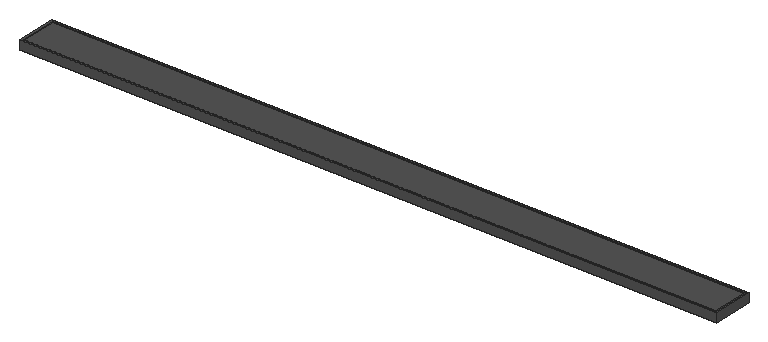
Revit family "Drain-Grates_MultiDrain_AlfaChannel-CatchBasin", category Site, host Face, Revit 2026
Family settings
  Host = Face
  Round Connector Dimension = Use Diameter
  Part Type = Normal
  Classification Number = 23.10.10.12
  Cut with Voids When Loaded = No
  Shared = Yes
Parameters (values of type "Default AlfaChannelCatchBasin FramedGrate")
  Warranty Duration (Years) = 0
  Unit Length [instance] = 8' - 0"
  URL = "http://www.multidrainsystems.com/"
  Test Data = ""
  Specification = "http://www.arcat.com/sdspecs/htm/02600mds.htm"
  SpecWizard = ""
  Send Message = "http://www.arcat.com/users.pl?action=UserEmail&company=MultiDrain+Systems&coid=40880&rep=141&fax=704-508-1011&mf="
  Sales Information = "http://www.multidrainsystems.com/contact-us/"
  Revision = "R1_12_2013"
  Product Properties = ""
  Product Data = "http://www.arcat.com/arcatcos/cos40/arc40880.html"
  Open Area = 0
  Model = "As Specified"
  Manufacturer Website = "http://www.multidrainsystems.com/"
  Manufacturer Phone - Toll Free = "800-433-1119"
  Manufacturer Phone = "704-508-1010"
  Manufacturer Fax = "704-508-1011"
  Manufacturer Address = "P. O. Box 7107   Statesville, NC 28687"
  Manufacturer = "MultiDrain Systems"
  Maintenance Schedule (Months) = 0
  Keynote = "02600"
  Installation-Fabrication = ""
  Installation Phase = ""
  Green Building-LEED = ""
  Grate Width = 0' - 4 15/16"
  FramedGrate = yes
  Frame Finish = Metal - MultiDrain - Black Paint Grating
  Expected Lifespan (Years) = 0
  Drawn By = "Sumex Design, Inc. / Robert S. Weygant, CSI, CDT, SCIP"
  Description = "MultiDrain Product as Specified"
  Default Elevation = 0' - 0"
  Copyright = "©Arcat Inc."
  Construction Details = "http://www.arcat.com/details/multidra/multidra.html?coid=40880"
  Capacity = "Load Rating as Specified"
  Building Codes = ""
  Assembly Code = "A1030600"
  ADA Compliant = no
Types (2): name | Grate Width | FramedGrate
  Default AlfaChannelCatchBasin InlayGrate | 1' - 0 3/16" | no
  Default AlfaChannelCatchBasin FramedGrate | 0' - 4 15/16" | yes
Reference planes (in)
  plane 1 "Center (Front/Back)": y = 0
  plane 2: z = 0
  plane 3 "Uphill": x = 0
  plane 4: y = -2.46875
  plane 5: y = 2.46875
  plane 6 "Downhill": x = 96
  plane 7: y = 1.96875
  plane 8: y = -1.96875
  plane 9: z = 0
  plane 10: z = 0
  plane 11: x = 95.71875
  plane 12: x = 0.28125
Forms (in)
  Extrusion 1, solid, material "Metal - MultiDrain - Black Paint Grating" <- "Frame Finish"
    sketch origin (0, 0, 0) x (0, 1, 0) y (0, 0, 1)
      loop
        line (-2.46875, 0) -> (-2.46875, -0.75) -> (2.46875, -0.75) -> (2.46875, 0) -> (-2.46875, 0)
    from 0.28125 to 95.71875
  Sweep 2, solid, material "Metal - MultiDrain - Black Paint Grating" <- "Frame Finish", visible <- "FramedGrate"
    path origin (0, 0, 0) x (1, 0, 0) y (0, 1, 0)
      loop
        line (0.28125, 2.46875) -> (0.28125, -2.46875) -> (95.71875, -2.46875) -> (95.71875, 2.46875) -> (0.28125, 2.46875)
    profile origin (48, 2.46875, 0) x (0, 1, 0) y (0, 0, 1)
      loop
        line (0, 0) -> (0, -0.75) -> (-1, -0.75) -> (-1, -1.21875) -> (0.28125, -1.21875) -> (0.28125, 0) -> (0, 0)
Lines and regions (in)
  model lines, style "InvisibleLines"
    curve 1: line (0, 0, 0) -> (0, 0, 12)
Dimensions and locks (in)
  "Unit Length": plane 3 "Uphill" to plane 6 "Downhill"
  equal spacing: plane 5, plane 1 "Center (Front/Back)", plane 4
  "Grate Width": plane 5 to plane 4
  locked: plane 2 to Extrusion 1 sketch curve at 0.75
  equal spacing: plane 7, plane 1 "Center (Front/Back)", plane 8
  plane 7 to plane 8 = 0' - 3 15/16"
  locked: plane 2 to plane 9
  locked: level to plane 10
  locked: plane 3 "Uphill" to Sweep 2 sketch curve at 0.28125
  locked: Sweep 2 sketch curve to plane 6 "Downhill" at 0.28125
  locked: plane 5 to Sweep 2 sketch curve at 0.28125
  locked: Sweep 2 sketch curve to plane 5 at 1
  level to Sweep 2 sketch curve to Sweep 2 sketch curve = 0' - 0 3/4" locked, 0' - 0 15/32" locked
  locked: plane 3 "Uphill" to plane 12 at 0.28125
  locked: plane 11 to plane 6 "Downhill" at 0.28125
  aligned and locked: host face to plane 2
  aligned and locked: level to host face
  aligned and locked: Extrusion 1 sketch curve to plane 4
  aligned and locked: plane 2 to Extrusion 1 sketch curve
  aligned: plane 6 "Downhill" to Extrusion 1
  aligned: Extrusion 1 to plane 3 "Uphill"
  aligned and locked: plane 4 to Sweep 2 sketch curve
  aligned and locked: Sweep 2 sketch curve to plane 5
  aligned and locked: Extrusion 1 to plane 12
  aligned and locked: plane 11 to Extrusion 1
Automatic sketch dimensions
  host sketch curve to host sketch curve = 14' - 11.49507"
  host sketch curve to host sketch curve = 8' - 0"
  curve 1 to plane 1 "Center (Front/Back)" = 0' - 0"
  curve 1 to level = 0' - 0"
  curve 1 to curve 1 = 1' - 0"
  Extrusion 1 sketch curve to plane 5 = 0' - 0"
  Sweep 2 sketch curve to profile plane = 0' - 0"
  Sweep 2 sketch curve to level = 0' - 0"
